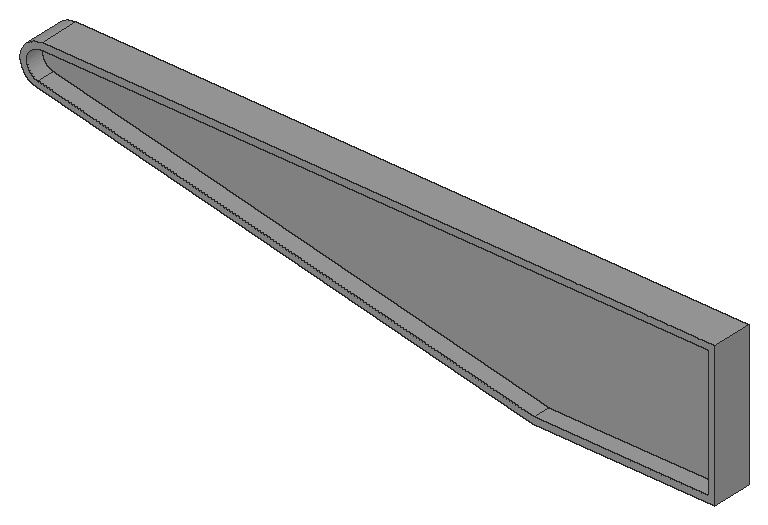
Revit family "STC_A3-1650mm-Steel-canopy", category Generic Models, Revit 2016
Family settings
  Part Type = Normal
  Can host rebar = No
  Round Connector Dimension = Use Diameter
  Work Plane-Based = No
  Always vertical = Yes
  Cut with Voids When Loaded = No
  Shared = No
  Room Calculation Point = No
Parameters (values of type "1650mm Steel Canopy")
  Beam, Length = 1650 mm
  Beam Thickness = 100 mm
  Beam Depth = 340 mm
  Assembly Code = ""
Types (2, lengths in mm): name | Beam, Length | Beam Thickness | Beam Depth
  2345mm Steel canopy | 1800 | 150 | 300
  1650mm Steel Canopy | 1650 | 100 | 340
Reference planes
  plane 1 "Center (Front/Back)": y = -58.334
  plane 2: z = 0
  plane 3 "Center (Left/Right)": x = 0
  plane 4: through (0, 0, 0) normal (-0.0523, 0, -0.9986)
  plane 5: through (17.794, 0, 339.534) normal (-0.0523, 0, -0.9986)
  plane 6: through (0, 0, 0) normal (-0.9986, 0, 0.0523)
  plane 7: through (-1647.739, 0, 86.354) normal (-0.9986, 0, 0.0523)
  plane 8: y = -8.334
  plane 9: y = -108.334
  plane 10: through (596.69, 0, 169.003) normal (-0.0523, 0, -0.9986)
  plane 11: through (599.307, 0, 218.935) normal (-0.0523, 0, -0.9986)
  plane 12: through (-1561.234, 0, -1129.142) normal (-0.9986, 0, 0.0523)
  plane 13: through (-1611.166, 0, -1126.526) normal (-0.9986, 0, 0.0523)
Forms (mm)
  Extrusion 1, solid, material "Steel Frame"
    sketch origin (0, -58.334, 0) x (1, 0, 0) y (0, 0, 1)
      loop
        arc (-1599.183, 424.111) -> (-1651.324, 381.064) -> (-1612.903, 325.428) r 50
        line (-1612.903, 325.428) -> (-432.25, 22.653) -> (0, 0) -> (0, 340.301) -> (-1599.183, 424.111)
      loop
        arc (-1599.968, 409.131) -> (-1636.466, 378.999) -> (-1609.572, 340.053) r 35
        line (-1609.572, 340.053) -> (-430, 37.556) -> (-15, 15.807) -> (-15, 326.067) -> (-1599.968, 409.131)
    from -50 to 50
  Extrusion 2, solid, material "Steel Frame"
    sketch origin (0, -58.334, 0) x (1, 0, 0) y (0, 0, 1)
      loop
        arc (-1599.968, 409.131) -> (-1636.466, 378.999) -> (-1609.572, 340.053) r 35
        line (-1609.572, 340.053) -> (-430, 37.556) -> (-15, 15.807) -> (-15, 326.067) -> (-1599.968, 409.131)
    from -5 to 5
Lines and regions (mm)
  reference lines
    curve 1: line (-63.29, -58.334, -1207.646) -> (103.5, -58.334, 1974.902)
    curve 2: line (-1650, -58.334, -366.045) -> (-1650, -58.334, 2214.315)
Dimensions and locks
  "Beam Depth": plane 5 to plane 4
  "Beam, Length": plane 7 to plane 6
  equal spacing: plane 9, plane 1 "Center (Front/Back)", plane 8
  "Beam Thickness": plane 9 to plane 8
  plane 3 "Center (Left/Right)" to curve 2 = 1650 mm  (x2)
  Extrusion 1 to Extrusion 1 = 339.835 mm
  Extrusion 1 sketch curve to Extrusion 1 sketch curve = 432.25 mm
  plane 8 to curve 2 to plane 9 = 50 mm, 50 mm
  locked: plane 4 to plane 2 (angle 3.00°)
  aligned and locked: Extrusion 1 sketch curve to plane 3 "Center (Left/Right)"
  aligned and locked: Extrusion 1 sketch curve to plane 4
  aligned and locked: Extrusion 1 to plane 8
  aligned: plane 9 to Extrusion 1
Automatic sketch dimensions
  curve 1 to plane 6 = 0 mm  (x2)
  curve 1 to plane 3 "Center (Left/Right)" = 63.29 mm
  plane 3 "Center (Left/Right)" to curve 1 = 103.5 mm
  curve 2 to level = 366.045 mm
  level to curve 2 = 2214.315 mm
  Extrusion 1 sketch curve to Extrusion 1 sketch curve = 0 mm  (x2)
  level to Extrusion 1 sketch curve = 424.111 mm
  level to Extrusion 1 sketch curve = 409.131 mm
  Extrusion 1 sketch curve to Extrusion 1 sketch curve = 0.785 mm
  Extrusion 1 sketch curve to Extrusion 1 sketch curve = 1.832 mm
  Extrusion 1 sketch curve to Extrusion 1 sketch curve = 7.772 mm
  level to Extrusion 1 sketch curve = 325.428 mm
  Extrusion 1 sketch curve to Extrusion 1 sketch curve = 3.331 mm
  Extrusion 1 sketch curve to plane 3 "Center (Left/Right)" = 15 mm
  level to Extrusion 1 sketch curve = 15.807 mm
  Extrusion 1 sketch curve to Extrusion 1 sketch curve = 14.903 mm
  Extrusion 1 sketch curve to Extrusion 1 sketch curve = 310.26 mm
  Extrusion 1 sketch curve to Extrusion 1 sketch curve = 14.234 mm
  Extrusion 1 sketch curve to Extrusion 1 sketch curve = 1166.933 mm
  Extrusion 1 sketch curve to Extrusion 1 sketch curve = 2.25 mm
  level to Extrusion 2 sketch curve = 340.053 mm
  Extrusion 2 sketch curve to Extrusion 2 sketch curve = 7.772 mm
  Extrusion 2 sketch curve to Extrusion 2 sketch curve = 1.832 mm
  level to Extrusion 2 sketch curve = 37.556 mm
  Extrusion 2 sketch curve to plane 3 "Center (Left/Right)" = 430 mm
  Extrusion 2 sketch curve to plane 3 "Center (Left/Right)" = 15 mm
  level to Extrusion 2 sketch curve = 15.807 mm
  Extrusion 2 sketch curve to Extrusion 2 sketch curve = 310.26 mm
  Extrusion 2 sketch curve to Extrusion 2 sketch curve = 34.952 mm
  Extrusion 2 sketch curve to Extrusion 2 sketch curve = 1169.968 mm
